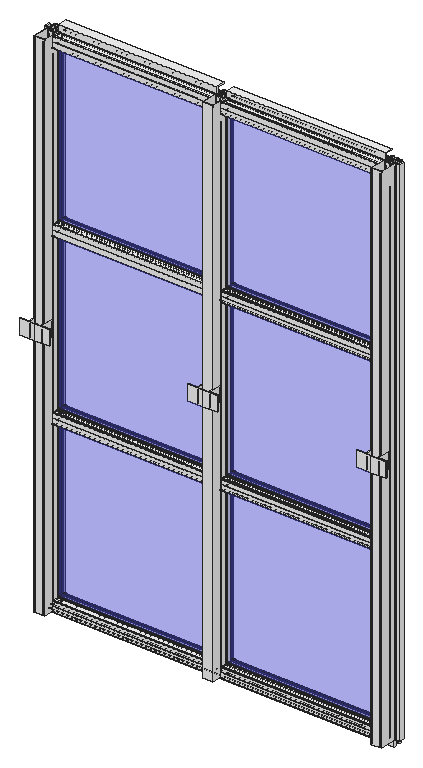
Revit family "Facade_60_Curtain_Wall_I23_Custom", category Windows, host Wall, Revit 2014 (continued)
Definition of nested family "F60 Vertical Profile Side_I23_Cust"
  Automatic sketch dimensions
    Extrusion 4 sketch curve to Extrusion 4 sketch curve = 0.962 mm
    Extrusion 4 sketch curve to Extrusion 4 sketch curve = 0.85 mm
    Extrusion 4 sketch curve to Extrusion 4 sketch curve = 0.512 mm  (x2)
    Extrusion 4 sketch curve to Extrusion 4 sketch curve = 1 mm  (x2)
    Extrusion 4 sketch curve to Extrusion 4 sketch curve = 0.4 mm  (x2)
    Extrusion 4 sketch curve to Extrusion 4 sketch curve = 1.4 mm
    Extrusion 4 sketch curve to Extrusion 4 sketch curve = 0.539 mm  (x2)
    Extrusion 4 sketch curve to Extrusion 4 sketch curve = 0 mm
    plane 1 "Center (Front/Back)" to Extrusion 4 sketch curve = 14.874 mm
    plane 3 "Center (Left/Right)" to Extrusion 5 sketch curve = 0.001 mm
    Extrusion 5 sketch curve to Extrusion 5 sketch curve = 0.65 mm  (x2)
    Extrusion 5 sketch curve to Extrusion 5 sketch curve = 0.128 mm  (x2)
    plane 3 "Center (Left/Right)" to Extrusion 5 sketch curve = 1.015 mm
    plane 3 "Center (Left/Right)" to Extrusion 5 sketch curve = 1.051 mm
    Extrusion 5 sketch curve to Extrusion 5 sketch curve = 0.469 mm  (x2)
    Extrusion 5 sketch curve to Extrusion 5 sketch curve = 1.079 mm
    Extrusion 5 sketch curve to Extrusion 5 sketch curve = 1.317 mm  (x2)
    Extrusion 5 sketch curve to Extrusion 5 sketch curve = 0 mm  (x3)
    plane 3 "Center (Left/Right)" to Extrusion 5 sketch curve = 3.851 mm
    Extrusion 5 sketch curve to Extrusion 5 sketch curve = 0.15 mm  (x2)
    Extrusion 5 sketch curve to Extrusion 5 sketch curve = 26 mm  (x2)
    Extrusion 5 sketch curve to Extrusion 5 sketch curve = 1.05 mm
    plane 1 "Center (Front/Back)" to Extrusion 5 sketch curve = 16.772 mm
    Extrusion 5 sketch curve to Extrusion 5 sketch curve = 0.707 mm
    Extrusion 5 sketch curve to Extrusion 5 sketch curve = 0.433 mm
    plane 1 "Center (Front/Back)" to Extrusion 5 sketch curve = 17.298 mm
    plane 1 "Center (Front/Back)" to Extrusion 5 sketch curve = 14.076 mm
    Extrusion 5 sketch curve to Extrusion 5 sketch curve = 0.5 mm  (x2)
    plane 1 "Center (Front/Back)" to Extrusion 5 sketch curve = 18.761 mm
    Extrusion 5 sketch curve to Extrusion 5 sketch curve = 0.1 mm  (x3)
    Extrusion 5 sketch curve to Extrusion 5 sketch curve = 1.1 mm  (x2)
    Extrusion 5 sketch curve to Extrusion 5 sketch curve = 8.608 mm
    Extrusion 5 sketch curve to Extrusion 5 sketch curve = 0.962 mm
    Extrusion 6 sketch curve to plane 3 "Center (Left/Right)" = 0 mm
    plane 3 "Center (Left/Right)" to Extrusion 6 sketch curve = 1 mm
    plane 3 "Center (Left/Right)" to Extrusion 6 sketch curve = 1.65 mm
    plane 3 "Center (Left/Right)" to Extrusion 6 sketch curve = 1.85 mm
    Extrusion 6 sketch curve to Extrusion 6 sketch curve = 10.317 mm  (x3)
    Extrusion 6 sketch curve to Extrusion 6 sketch curve = 1.833 mm  (x4)
    Extrusion 6 sketch curve to Extrusion 6 sketch curve = 0.02 mm  (x2)
    Extrusion 6 sketch curve to plane 1 "Center (Front/Back)" = 13 mm
    Extrusion 6 sketch curve to Extrusion 6 sketch curve = 31.961 mm
    Extrusion 6 sketch curve to Extrusion 6 sketch curve = 32 mm
    Extrusion 6 sketch curve to Extrusion 6 sketch curve = 0.2 mm  (x5)
    Extrusion 6 sketch curve to Extrusion 6 sketch curve = 0.85 mm
    Extrusion 6 sketch curve to Extrusion 6 sketch curve = 1.65 mm
    Extrusion 6 sketch curve to Extrusion 6 sketch curve = 1 mm  (x8)
    Extrusion 6 sketch curve to Extrusion 6 sketch curve = 1.944 mm
    Extrusion 6 sketch curve to Extrusion 6 sketch curve = 4.656 mm  (x2)
    Extrusion 6 sketch curve to Extrusion 6 sketch curve = 82.1 mm
    Extrusion 6 sketch curve to Extrusion 6 sketch curve = 2.5 mm
    Extrusion 7 sketch curve to plane 3 "Center (Left/Right)" = 0 mm
    Extrusion 7 sketch curve to Extrusion 7 sketch curve = 1 mm  (x3)
    plane 3 "Center (Left/Right)" to Extrusion 7 sketch curve = 1.65 mm
    plane 3 "Center (Left/Right)" to Extrusion 7 sketch curve = 2.35 mm
    Extrusion 7 sketch curve to Extrusion 7 sketch curve = 0.6 mm  (x3)
    Extrusion 7 sketch curve to Extrusion 7 sketch curve = 9.217 mm  (x2)
    Extrusion 7 sketch curve to Extrusion 7 sketch curve = 1.833 mm  (x2)
    Extrusion 7 sketch curve to Extrusion 7 sketch curve = 32 mm
    Extrusion 7 sketch curve to plane 1 "Center (Front/Back)" = 15 mm
    Extrusion 7 sketch curve to Extrusion 7 sketch curve = 54.1 mm
    Extrusion 7 sketch curve to Extrusion 7 sketch curve = 1.3 mm
    Extrusion 7 sketch curve to Extrusion 7 sketch curve = 1.95 mm
    Extrusion 7 sketch curve to Extrusion 7 sketch curve = 1.65 mm
    Extrusion 7 sketch curve to Extrusion 7 sketch curve = 4.987 mm
    Extrusion 7 sketch curve to Extrusion 7 sketch curve = 4.813 mm
    Extrusion 7 sketch curve to Extrusion 7 sketch curve = 4.812 mm
    Extrusion 7 sketch curve to Extrusion 7 sketch curve = 137.5 mm
    Extrusion 7 sketch curve to Extrusion 7 sketch curve = 0.2 mm  (x2)
    Extrusion 7 sketch curve to Extrusion 7 sketch curve = 0.4 mm  (x2)
    Extrusion 7 sketch curve to Extrusion 7 sketch curve = 4.5 mm
    Extrusion 8 sketch curve to plane 3 "Center (Left/Right)" = 0 mm
    Extrusion 8 sketch curve to Extrusion 8 sketch curve = 1 mm  (x3)
    plane 3 "Center (Left/Right)" to Extrusion 8 sketch curve = 1.65 mm
    plane 3 "Center (Left/Right)" to Extrusion 8 sketch curve = 2.75 mm
    Extrusion 8 sketch curve to Extrusion 8 sketch curve = 0.8 mm  (x2)
    Extrusion 8 sketch curve to Extrusion 8 sketch curve = 52.5 mm
    Extrusion 8 sketch curve to plane 1 "Center (Front/Back)" = 15.1 mm
    Extrusion 8 sketch curve to Extrusion 8 sketch curve = 52.9 mm
    Extrusion 8 sketch curve to Extrusion 8 sketch curve = 1.9 mm
    Extrusion 8 sketch curve to Extrusion 8 sketch curve = 2.75 mm
    Extrusion 8 sketch curve to Extrusion 8 sketch curve = 4.444 mm
    Extrusion 8 sketch curve to Extrusion 8 sketch curve = 4.656 mm  (x2)
    Extrusion 8 sketch curve to Extrusion 8 sketch curve = 163.2 mm
    Extrusion 8 sketch curve to Extrusion 8 sketch curve = 9.5 mm
    plane 3 "Center (Left/Right)" to Extrusion 9 sketch curve = 25.249 mm
    Extrusion 9 sketch curve to Extrusion 9 sketch curve = 0.5 mm  (x4)
    Extrusion 9 sketch curve to Extrusion 9 sketch curve = 1.1 mm
    plane 1 "Center (Front/Back)" to Extrusion 9 sketch curve = 11.356 mm  (x2)
    Extrusion 9 sketch curve to Extrusion 9 sketch curve = 0.293 mm  (x2)
    Extrusion 9 sketch curve to Extrusion 9 sketch curve = 1.896 mm
    Extrusion 9 sketch curve to Extrusion 9 sketch curve = 1.922 mm
    Extrusion 9 sketch curve to Extrusion 9 sketch curve = 1 mm  (x2)
    Extrusion 9 sketch curve to Extrusion 9 sketch curve = 0.7 mm
    Extrusion 9 sketch curve to Extrusion 9 sketch curve = 0.808 mm
    Extrusion 9 sketch curve to plane 1 "Center (Front/Back)" = 2.272 mm  (x2)
    Extrusion 9 sketch curve to Extrusion 9 sketch curve = 0.303 mm
    Extrusion 9 sketch curve to plane 1 "Center (Front/Back)" = 1.745 mm
    Extrusion 9 sketch curve to Extrusion 9 sketch curve = 0.356 mm
    plane 1 "Center (Front/Back)" to Extrusion 9 sketch curve = 9.206 mm  (x2)
    Extrusion 9 sketch curve to Extrusion 9 sketch curve = 1.647 mm
    Extrusion 9 sketch curve to Extrusion 9 sketch curve = 0.701 mm
    Extrusion 9 sketch curve to Extrusion 9 sketch curve = 0.992 mm
    Extrusion 9 sketch curve to Extrusion 9 sketch curve = 0.003 mm
    Extrusion 9 sketch curve to Extrusion 9 sketch curve = 0.002 mm
    Extrusion 9 sketch curve to Extrusion 9 sketch curve = 0.004 mm
    Extrusion 9 sketch curve to Extrusion 9 sketch curve = 0.708 mm
    Extrusion 9 sketch curve to plane 1 "Center (Front/Back)" = 1.946 mm
    Extrusion 9 sketch curve to Extrusion 9 sketch curve = 0.899 mm
    Extrusion 9 sketch curve to Extrusion 9 sketch curve = 0.444 mm
    Extrusion 9 sketch curve to Extrusion 9 sketch curve = 3.038 mm
    Extrusion 9 sketch curve to plane 1 "Center (Front/Back)" = 0.385 mm  (x2)
    Extrusion 9 sketch curve to Extrusion 9 sketch curve = 0.756 mm
    Extrusion 9 sketch curve to Extrusion 9 sketch curve = 2.153 mm
    Extrusion 9 sketch curve to Extrusion 9 sketch curve = 0.631 mm
    Extrusion 9 sketch curve to Extrusion 9 sketch curve = 0.807 mm
    Extrusion 9 sketch curve to Extrusion 9 sketch curve = 1.646 mm
    Extrusion 9 sketch curve to Extrusion 9 sketch curve = 0.707 mm
    Extrusion 9 sketch curve to Extrusion 9 sketch curve = 1.393 mm
    Extrusion 9 sketch curve to Extrusion 9 sketch curve = 1.923 mm
    Extrusion 9 sketch curve to Extrusion 9 sketch curve = 11.937 mm
    Extrusion 9 sketch curve to Extrusion 9 sketch curve = 1.6 mm
    Extrusion 9 sketch curve to Extrusion 9 sketch curve = 0.9 mm  (x2)
    Extrusion 9 sketch curve to Extrusion 9 sketch curve = 1.356 mm  (x2)
    Extrusion 9 sketch curve to Extrusion 9 sketch curve = 0.714 mm
    Extrusion 9 sketch curve to Extrusion 9 sketch curve = 0.02 mm
    Extrusion 9 sketch curve to Extrusion 9 sketch curve = 0.399 mm
    Extrusion 9 sketch curve to Extrusion 9 sketch curve = 2.224 mm
    Extrusion 9 sketch curve to Extrusion 9 sketch curve = 0.448 mm
    Extrusion 9 sketch curve to plane 1 "Center (Front/Back)" = 0.198 mm
    Extrusion 9 sketch curve to plane 1 "Center (Front/Back)" = 0.201 mm
    Extrusion 9 sketch curve to Extrusion 9 sketch curve = 0.032 mm
    Extrusion 9 sketch curve to Extrusion 9 sketch curve = 0 mm
    plane 3 "Center (Left/Right)" to Extrusion 10 sketch curve = 1.014 mm
    Extrusion 10 sketch curve to Extrusion 10 sketch curve = 0.469 mm  (x2)
    plane 3 "Center (Left/Right)" to Extrusion 10 sketch curve = 1.706 mm
    Extrusion 10 sketch curve to Extrusion 10 sketch curve = 1.079 mm
    Extrusion 10 sketch curve to Extrusion 10 sketch curve = 0.864 mm
    Extrusion 10 sketch curve to Extrusion 10 sketch curve = 1.15 mm  (x4)
    Extrusion 10 sketch curve to Extrusion 10 sketch curve = 3.2 mm  (x2)
    Extrusion 10 sketch curve to Extrusion 10 sketch curve = 3.031 mm  (x2)
    Extrusion 10 sketch curve to Extrusion 10 sketch curve = 0.6 mm  (x3)
    Extrusion 10 sketch curve to Extrusion 10 sketch curve = 15.584 mm  (x2)
    Extrusion 10 sketch curve to Extrusion 10 sketch curve = 0.808 mm  (x2)
    Extrusion 10 sketch curve to Extrusion 10 sketch curve = 3.038 mm
    Extrusion 10 sketch curve to Extrusion 10 sketch curve = 0.865 mm
    Extrusion 10 sketch curve to Extrusion 10 sketch curve = 1.25 mm  (x5)
    Extrusion 10 sketch curve to Extrusion 10 sketch curve = 0.61 mm
    plane 1 "Center (Front/Back)" to Extrusion 10 sketch curve = 31.288 mm
    Extrusion 10 sketch curve to Extrusion 10 sketch curve = 0.362 mm
    plane 1 "Center (Front/Back)" to Extrusion 10 sketch curve = 31.65 mm
    Extrusion 10 sketch curve to Extrusion 10 sketch curve = 0.962 mm
    Extrusion 10 sketch curve to Extrusion 10 sketch curve = 0.85 mm
    Extrusion 10 sketch curve to Extrusion 10 sketch curve = 0.512 mm  (x2)
    Extrusion 10 sketch curve to Extrusion 10 sketch curve = 0.4 mm  (x2)
    Extrusion 10 sketch curve to Extrusion 10 sketch curve = 1 mm
    Extrusion 10 sketch curve to Extrusion 10 sketch curve = 2.8 mm
    Extrusion 10 sketch curve to Extrusion 10 sketch curve = 0 mm  (x2)
    Extrusion 10 sketch curve to Extrusion 10 sketch curve = 1.4 mm
    Extrusion 10 sketch curve to Extrusion 10 sketch curve = 0.539 mm  (x2)
    plane 1 "Center (Front/Back)" to Extrusion 10 sketch curve = 28.864 mm
    Extrusion 11 sketch curve to plane 3 "Center (Left/Right)" = 0 mm
    plane 3 "Center (Left/Right)" to Extrusion 11 sketch curve = 0.65 mm
    Extrusion 11 sketch curve to Extrusion 11 sketch curve = 0.128 mm  (x2)
    plane 3 "Center (Left/Right)" to Extrusion 11 sketch curve = 1.014 mm
    plane 3 "Center (Left/Right)" to Extrusion 11 sketch curve = 1.05 mm
    Extrusion 11 sketch curve to Extrusion 11 sketch curve = 0.469 mm  (x2)
    Extrusion 11 sketch curve to Extrusion 11 sketch curve = 1.079 mm
    Extrusion 11 sketch curve to Extrusion 11 sketch curve = 1.317 mm  (x2)
    Extrusion 11 sketch curve to Extrusion 11 sketch curve = 0 mm  (x3)
    plane 3 "Center (Left/Right)" to Extrusion 11 sketch curve = 3.85 mm
    Extrusion 11 sketch curve to Extrusion 11 sketch curve = 0.15 mm  (x2)
    Extrusion 11 sketch curve to Extrusion 11 sketch curve = 26 mm  (x2)
    Extrusion 11 sketch curve to Extrusion 11 sketch curve = 1.05 mm
    Extrusion 11 sketch curve to Extrusion 11 sketch curve = 0.707 mm
    Extrusion 11 sketch curve to Extrusion 11 sketch curve = 0.433 mm
    plane 1 "Center (Front/Back)" to Extrusion 11 sketch curve = 31.288 mm
    plane 1 "Center (Front/Back)" to Extrusion 11 sketch curve = 28.065 mm
    Extrusion 11 sketch curve to Extrusion 11 sketch curve = 1.314 mm
    Extrusion 11 sketch curve to Extrusion 11 sketch curve = 0.65 mm
    Extrusion 11 sketch curve to Extrusion 11 sketch curve = 0.5 mm  (x2)
    plane 1 "Center (Front/Back)" to Extrusion 11 sketch curve = 32.75 mm
    Extrusion 11 sketch curve to Extrusion 11 sketch curve = 0.1 mm  (x3)
    Extrusion 11 sketch curve to Extrusion 11 sketch curve = 1.1 mm  (x2)
    Extrusion 11 sketch curve to Extrusion 11 sketch curve = 8.608 mm
    Extrusion 11 sketch curve to Extrusion 11 sketch curve = 0.962 mm
    Extrusion 12 sketch curve to plane 3 "Center (Left/Right)" = 21.349 mm
    Extrusion 12 sketch curve to Extrusion 12 sketch curve = 6.35 mm
    plane 3 "Center (Left/Right)" to Extrusion 12 sketch curve = 10.403 mm
    plane 1 "Center (Front/Back)" to Extrusion 12 sketch curve = 35.567 mm
    plane 1 "Center (Front/Back)" to Extrusion 12 sketch curve = 10.171 mm
    plane 1 "Center (Front/Back)" to Extrusion 12 sketch curve = 3.821 mm
    Extrusion 13 sketch curve to plane 3 "Center (Left/Right)" = 21.35 mm
    Extrusion 13 sketch curve to Extrusion 13 sketch curve = 6.35 mm
    plane 3 "Center (Left/Right)" to Extrusion 13 sketch curve = 10.402 mm
    plane 1 "Center (Front/Back)" to Extrusion 13 sketch curve = 33.172 mm
    plane 1 "Center (Front/Back)" to Extrusion 13 sketch curve = 7.775 mm
    plane 1 "Center (Front/Back)" to Extrusion 13 sketch curve = 1.425 mm
    Extrusion 14 sketch curve to plane 3 "Center (Left/Right)" = 0 mm
    plane 3 "Center (Left/Right)" to Extrusion 14 sketch curve = 1.2 mm
    Extrusion 14 sketch curve to Extrusion 14 sketch curve = 9.6 mm
    Extrusion 14 sketch curve to Extrusion 14 sketch curve = 1.2 mm  (x3)
    plane 1 "Center (Front/Back)" to Extrusion 14 sketch curve = 25.775 mm
    plane 1 "Center (Front/Back)" to Extrusion 14 sketch curve = 8.975 mm
    curve 4 to Extrusion 6 = 0 mm
    curve 3 to Extrusion 6 = 0 mm
    curve 1 to Extrusion 6 = 0 mm
    curve 4 to Extrusion 6 = 3.6 mm
    curve 3 to Extrusion 6 = 3.6 mm
    curve 1 to Extrusion 6 = 3.6 mm
    Extrusion 6 to curve 2 = 1 mm
    Extrusion 6 to curve 5 = 1 mm
    Extrusion 6 to curve 6 = 1 mm
    curve 6 to Extrusion 6 = 1 mm
    curve 5 to Extrusion 6 = 1 mm
    curve 2 to Extrusion 6 = 1 mm
    curve 9 to Extrusion 6 = 0 mm
    curve 8 to Extrusion 6 = 0 mm
    curve 7 to Extrusion 6 = 0 mm
    Extrusion 6 to curve 8 = 3.6 mm
    Extrusion 6 to curve 9 = 3.6 mm
    Extrusion 6 to curve 7 = 3.6 mm
    curve 12 to Extrusion 5 = 25.894 mm
    curve 11 to Extrusion 5 = 25.894 mm
    curve 10 to Extrusion 5 = 25.894 mm
    curve 10 to Extrusion 5 = 0.108 mm
    Extrusion 5 to curve 12 = 0.703 mm
    Extrusion 5 to curve 11 = 0.703 mm
    curve 13 to Extrusion 5 = 4 mm
    curve 14 to Extrusion 5 = 4 mm
    curve 15 to Extrusion 5 = 4 mm
    Extrusion 5 to curve 15 = 0.702 mm
    Extrusion 5 to curve 14 = 0.702 mm
    Extrusion 5 to curve 13 = 0.702 mm
    curve 18 to Extrusion 7 = 0 mm
    curve 17 to Extrusion 7 = 0 mm
    curve 16 to Extrusion 7 = 0 mm
    Extrusion 7 to curve 17 = 3.6 mm
    Extrusion 7 to curve 18 = 3.6 mm
    Extrusion 7 to curve 16 = 3.6 mm
    Extrusion 7 to curve 21 = 1 mm  (x2)
    Extrusion 7 to curve 20 = 1 mm  (x2)
    Extrusion 7 to curve 19 = 1 mm  (x2)
    curve 24 to Extrusion 7 = 0 mm
    curve 23 to Extrusion 7 = 0 mm
    curve 22 to Extrusion 7 = 0 mm
    curve 24 to Extrusion 7 = 3.6 mm
    curve 23 to Extrusion 7 = 3.6 mm
    curve 22 to Extrusion 7 = 3.6 mm
    curve 27 to Extrusion 8 = 0 mm
    curve 26 to Extrusion 8 = 0 mm
    curve 25 to Extrusion 8 = 0 mm
    Extrusion 8 to curve 26 = 3.6 mm
    Extrusion 8 to curve 27 = 3.6 mm
    Extrusion 8 to curve 25 = 3.6 mm
    Extrusion 8 to curve 30 = 0.221 mm
    Extrusion 8 to curve 29 = 0.221 mm
    Extrusion 8 to curve 28 = 0.221 mm
    curve 29 to Extrusion 8 = 0.222 mm
    curve 30 to Extrusion 8 = 0.222 mm
    curve 28 to Extrusion 8 = 0.222 mm
    curve 33 to Extrusion 8 = 0 mm
    curve 32 to Extrusion 8 = 0 mm
    curve 31 to Extrusion 8 = 0 mm
    curve 33 to Extrusion 8 = 3.6 mm
    curve 32 to Extrusion 8 = 3.6 mm
    curve 31 to Extrusion 8 = 3.6 mm
    curve 34 to Extrusion 11 = 4.016 mm
    curve 35 to Extrusion 11 = 4.016 mm
    curve 36 to Extrusion 11 = 3.97 mm
    Extrusion 11 to curve 36 = 0.637 mm
    Extrusion 11 to curve 35 = 0.637 mm
    Extrusion 11 to curve 34 = 0.637 mm
    curve 37 to Extrusion 11 = 29.221 mm
    curve 38 to Extrusion 11 = 29.221 mm
    curve 39 to Extrusion 11 = 29.221 mm
    Extrusion 11 to curve 39 = 3.222 mm
    Extrusion 11 to curve 38 = 3.222 mm
    Extrusion 11 to curve 37 = 3.222 mm
Definition of nested family "F60 Horizontal Profile Top_I23_Cust"
  Parameters (values of type "F60 Horizontal Profile Top")
    Thermal Break Material [instance] = none
    Single Glazing [instance] = yes
    Profile Material [instance] = none
    Length [instance] = 250 mm
    Double Glazing [instance] = yes
  Reference planes
    plane 1 "Center (Front/Back)": y = 0
    plane 2: z = 0
    plane 3 "Center (Left/Right)": x = 0
  Forms (mm)
    Extrusion 1, solid, material <- "Profile Material"
      sketch origin (0, 0, 0) x (0, 1, 0) y (0, 0, 1)
        loop
          line (-9.94, 7.845) -> (-8.37, 6.275) -> (-1.2, 10.415) -> (-1.2, 1.2) -> (-5, 1.2) -> (-5, 0) -> (-1, 0)
          arc (-1, 0) -> (-0.293, 0.293) -> (0, 1) r 1
          line (0, 1) -> (0, 30) -> (0, 59)
          arc (0, 59) -> (-0.293, 59.707) -> (-1, 60) r 1
          line (-1, 60) -> (-5, 60) -> (-5, 58.8) -> (-1.2, 58.8) -> (-1.2, 49.585) -> (-8.37, 53.725) -> (-9.94, 52.155)
          arc (-9.94, 52.155) -> (-9.902, 51.269) -> (-9.016, 51.232) r 0.655
          line (-9.016, 51.232) -> (-8.077, 52.17) -> (-1.2, 48.2) -> (-1.2, 30) -> (-1.2, 11.8) -> (-8.077, 7.83) -> (-9.016, 8.768)
          arc (-9.016, 8.768) -> (-9.902, 8.731) -> (-9.94, 7.845) r 0.655
      from 0 to 250 <- "Length"
    Extrusion 2, solid, material <- "Profile Material"
      sketch origin (0, 0, 0) x (0, 1, 0) y (0, 0, 1)
        loop
          line (-5, 60) -> (-44.6, 60) -> (-44.6, 58.35) -> (-39.944, 58.35) -> (-39.944, 1.65) -> (-44.6, 1.65) -> (-44.6, 0) -> (-5, 0) -> (-5, 2.2) -> (-4.2, 2.2) -> (-4.2, 3.018)
          arc (-4.2, 3.018) -> (-4.352, 3.783) -> (-4.786, 4.432) r 2
          line (-4.786, 4.432) -> (-7.054, 6.7) -> (-8, 6.489) -> (-8, 5.7) -> (-7.205, 5.7) -> (-7.205, 2.95) -> (-8, 2.95) -> (-8, 1.95) -> (-12.752, 1.95) -> (-12.752, 6.7) -> (-14.152, 6.7) -> (-14.152, 1.65) -> (-38.65, 1.65) -> (-38.65, 8.33) -> (-37.097, 8.33) -> (-34.666, 6.973)
          arc (-34.666, 6.973) -> (-33.846, 7.192) -> (-34.066, 8.012) r 0.6
          line (-34.066, 8.012) -> (-37.128, 9.78) -> (-38.65, 9.78) -> (-38.65, 12.65) -> (-37.6, 13.7) -> (-37.6, 20.3) -> (-38.65, 21.35) -> (-38.65, 38.65) -> (-37.6, 39.7) -> (-37.6, 46.3) -> (-38.65, 47.35) -> (-38.65, 50.22) -> (-37.128, 50.22) -> (-34.066, 51.988)
          arc (-34.066, 51.988) -> (-33.846, 52.808) -> (-34.666, 53.027) r 0.6
          line (-34.666, 53.027) -> (-37.032, 51.661) -> (-38.65, 51.661) -> (-38.65, 58.35) -> (-14.152, 58.35) -> (-14.152, 53.3) -> (-12.752, 53.3) -> (-12.752, 58.05) -> (-8, 58.05) -> (-8, 57.05) -> (-7.205, 57.05) -> (-7.205, 54.3) -> (-8, 54.3) -> (-8, 53.511) -> (-7.054, 53.3) -> (-4.786, 55.568)
          arc (-4.786, 55.568) -> (-4.352, 56.217) -> (-4.2, 56.982) r 2
          line (-4.2, 56.982) -> (-4.2, 57.8) -> (-5, 57.8) -> (-5, 60)
      from 0 to 250 <- "Length"
    Extrusion 3, solid, material <- "Thermal Break Material"
      sketch origin (0, 0, 0) x (0, 1, 0) y (0, 0, 1)
        loop
          line (-40, 1.75) -> (-40, 30) -> (-40, 58.25) -> (-44.6, 58.25) -> (-44.6, 60) -> (-45.9, 60) -> (-45.9, 53.65) -> (-41.788, 53.65)
          arc (-41.788, 53.65) -> (-41.363, 53.474) -> (-41.187, 53.05) r 0.6
          line (-41.187, 53.05) -> (-41.187, 30) -> (-41.187, 6.95)
          arc (-41.187, 6.95) -> (-41.363, 6.526) -> (-41.788, 6.35) r 0.6
          line (-41.788, 6.35) -> (-45.9, 6.35) -> (-45.9, 0) -> (-44.6, 0) -> (-44.6, 1.75) -> (-40, 1.75)
      from 0 to 250 <- "Length"
    Extrusion 4, solid, material <- "Profile Material"
      sketch origin (0, 0, 0) x (0, 1, 0) y (0, 0, 1)
        loop
          line (-58.5, 25.249) -> (-43.6, 25.249)
          arc (-43.6, 25.249) -> (-43.034, 25.015) -> (-42.8, 24.449) r 0.8
          line (-42.8, 24.449) -> (-42.8, 7.9) -> (-44.4, 7.9) -> (-44.4, 9.45) -> (-45.25, 9.45)
          arc (-45.25, 9.45) -> (-45.674, 9.274) -> (-45.85, 8.85) r 0.6
          line (-45.85, 8.85) -> (-45.85, 7.9) -> (-48.8, 7.9)
          arc (-48.8, 7.9) -> (-49.3, 8.4) -> (-49.8, 7.9) r 0.5
          line (-49.8, 7.9) -> (-49.8, 5.55) -> (-48.65, 5.55) -> (-48.65, 6.7) -> (-47.35, 6.7) -> (-47.35, 1.2) -> (-48.65, 1.2) -> (-48.65, 2.35) -> (-49.8, 2.35) -> (-49.8, 0.5)
          arc (-49.8, 0.5) -> (-49.654, 0.146) -> (-49.3, 0) r 0.5
          line (-49.3, 0) -> (-45.9, 0) -> (-45.9, 6.45) -> (-42.2, 6.45)
          arc (-42.2, 6.45) -> (-41.634, 6.684) -> (-41.4, 7.25) r 0.8
          line (-41.4, 7.25) -> (-41.4, 30) -> (-41.4, 52.75)
          arc (-41.4, 52.75) -> (-41.634, 53.316) -> (-42.2, 53.55) r 0.8
          line (-42.2, 53.55) -> (-45.9, 53.55) -> (-45.9, 60) -> (-49.3, 60)
          arc (-49.3, 60) -> (-49.654, 59.854) -> (-49.8, 59.5) r 0.5
          line (-49.8, 59.5) -> (-49.8, 57.65) -> (-48.65, 57.65) -> (-48.65, 58.8) -> (-47.35, 58.8) -> (-47.35, 53.3) -> (-48.65, 53.3) -> (-48.65, 54.45) -> (-49.8, 54.45) -> (-49.8, 52.1)
          arc (-49.8, 52.1) -> (-49.3, 51.6) -> (-48.8, 52.1) r 0.5
          line (-48.8, 52.1) -> (-45.85, 52.1) -> (-45.85, 51.15)
          arc (-45.85, 51.15) -> (-45.674, 50.726) -> (-45.25, 50.55) r 0.6
          line (-45.25, 50.55) -> (-44.4, 50.55) -> (-44.4, 52.1) -> (-42.8, 52.1) -> (-42.8, 35.551)
          arc (-42.8, 35.551) -> (-43.034, 34.985) -> (-43.6, 34.751) r 0.8
          line (-43.6, 34.751) -> (-58.5, 34.751)
          arc (-58.5, 34.751) -> (-59.066, 34.516) -> (-59.3, 33.951) r 0.8
          line (-59.3, 33.951) -> (-59.3, 32.902) -> (-42.8, 32.902) -> (-42.8, 27.1) -> (-59.3, 27.1) -> (-59.3, 26.049)
          arc (-59.3, 26.049) -> (-59.066, 25.484) -> (-58.5, 25.249) r 0.8
      from 0 to 250 <- "Length"
    Extrusion 5, solid, material <- "Thermal Break Material", visible <- "Single Glazing"
      sketch origin (0, 0, 0) x (0, 1, 0) y (0, 0, 1)
        loop
          arc (-63.8, 25.751) -> (-63.654, 25.397) -> (-63.3, 25.251) r 0.5
          line (-63.3, 25.251) -> (-59.8, 25.251)
          arc (-59.8, 25.251) -> (-59.446, 25.397) -> (-59.3, 25.751) r 0.5
          line (-59.3, 25.751) -> (-59.3, 27.648) -> (-49.599, 27.648) -> (-47.528, 28.651)
          arc (-47.528, 28.651) -> (-46.803, 30.001) -> (-47.528, 31.351) r 1.62
          line (-47.528, 31.351) -> (-49.599, 32.353) -> (-59.3, 32.353) -> (-59.3, 34.251)
          arc (-59.3, 34.251) -> (-59.446, 34.604) -> (-59.8, 34.751) r 0.5
          line (-59.8, 34.751) -> (-63.3, 34.751)
          arc (-63.3, 34.751) -> (-63.654, 34.604) -> (-63.8, 34.251) r 0.5
          line (-63.8, 34.251) -> (-63.8, 32.328) -> (-62.4, 31.52) -> (-62.4, 28.483) -> (-63.8, 27.673) -> (-63.8, 25.751)
        loop
          line (-59.794, 28.506) -> (-59.006, 29.294)
          arc (-59.006, 29.294) -> (-58.788, 29.618) -> (-58.713, 30.001) r 0.986
          arc (-58.713, 30.001) -> (-58.79, 30.384) -> (-59.008, 30.71) r 1.007
          line (-59.008, 30.71) -> (-59.794, 31.496) -> (-60.65, 31.496)
          arc (-60.65, 31.496) -> (-61.004, 31.349) -> (-61.15, 30.996) r 0.5
          line (-61.15, 30.996) -> (-61.15, 29.006)
          arc (-61.15, 29.006) -> (-61.004, 28.652) -> (-60.65, 28.506) r 0.5
          line (-60.65, 28.506) -> (-59.794, 28.506)
        loop
          line (-47.854, 30.898) -> (-49.415, 31.653) -> (-56.782, 31.653)
          arc (-56.782, 31.653) -> (-57.207, 31.417) -> (-57.23, 30.932) r 0.5
          arc (-57.23, 30.932) -> (-57.013, 30.001) -> (-57.23, 29.07) r 2.099
          arc (-57.23, 29.07) -> (-57.207, 28.584) -> (-56.782, 28.348) r 0.5
          line (-56.782, 28.348) -> (-49.415, 28.348) -> (-48.055, 29.007)
          arc (-48.055, 29.007) -> (-47.35, 29.888) -> (-47.854, 30.898) r 1.047
      from 0 to 250 <- "Length"
    Extrusion 6, solid, material <- "Profile Material", visible <- "Single Glazing"
      sketch origin (0, 0, 0) x (0, 1, 0) y (0, 0, 1)
        loop
          line (-63.8, 52.694) -> (-64.8, 52.694) -> (-64.8, 51.544) -> (-66.05, 51.544) -> (-66.05, 57.044) -> (-64.8, 57.044) -> (-64.8, 55.894) -> (-63.8, 55.894) -> (-63.8, 58.294)
          arc (-63.8, 58.294) -> (-64.082, 58.803) -> (-64.664, 58.835) r 0.6
          line (-64.664, 58.835) -> (-66.562, 57.91) -> (-67.088, 58.988) -> (-68.05, 58.519) -> (-68.05, 48.513)
          arc (-68.05, 48.513) -> (-67.874, 48.089) -> (-67.45, 47.913) r 0.6
          line (-67.45, 47.913) -> (-66.6, 47.913) -> (-66.6, 12.09) -> (-67.45, 12.09)
          arc (-67.45, 12.09) -> (-67.874, 11.914) -> (-68.05, 11.49) r 0.6
          line (-68.05, 11.49) -> (-68.05, 1.485) -> (-67.088, 1.016) -> (-66.562, 2.095) -> (-64.663, 1.169)
          arc (-64.663, 1.169) -> (-64.082, 1.2) -> (-63.8, 1.709) r 0.6
          line (-63.8, 1.709) -> (-63.8, 4.109) -> (-64.8, 4.109) -> (-64.8, 2.959) -> (-66.05, 2.959) -> (-66.05, 8.459) -> (-64.8, 8.459) -> (-64.8, 7.309) -> (-63.8, 7.309) -> (-63.8, 27.674) -> (-62.4, 28.483) -> (-62.4, 31.521) -> (-63.8, 32.329) -> (-63.8, 52.694)
      from 0 to 250 <- "Length"
    Extrusion 7, solid, material <- "Profile Material", visible <- "Single Glazing"
      sketch origin (0, 0, 0) x (0, 1, 0) y (0, 0, 1)
        loop
          line (-68.551, 3.3) -> (-76.559, 3.3) -> (-76.559, 30) -> (-76.559, 56.15)
          arc (-76.559, 56.15) -> (-75.739, 58.13) -> (-73.759, 58.95) r 2.8
          line (-73.759, 58.95) -> (-69.151, 58.95) -> (-69.151, 57.2)
          arc (-69.151, 57.2) -> (-68.987, 56.829) -> (-68.601, 56.703) r 0.5
          arc (-68.601, 56.703) -> (-68.216, 56.829) -> (-68.051, 57.2) r 0.5
          line (-68.051, 57.2) -> (-68.051, 58.517) -> (-67.089, 58.986) -> (-66.563, 57.907) -> (-63.866, 59.222)
          arc (-63.866, 59.222) -> (-64.001, 59.762) -> (-64.504, 60) r 0.65
          line (-64.504, 60) -> (-73.859, 60)
          arc (-73.859, 60) -> (-76.687, 58.828) -> (-77.859, 56) r 4
          line (-77.859, 56) -> (-77.859, 30) -> (-77.859, 2.493)
          arc (-77.859, 2.493) -> (-77.197, 0.799) -> (-75.562, 0.002) r 2.5
          arc (-75.562, 0.002) -> (-75.182, 0.132) -> (-75.021, 0.5) r 0.5
          line (-75.021, 0.5) -> (-75.021, 2) -> (-69.151, 2) -> (-69.151, 0.5)
          arc (-69.151, 0.5) -> (-69.005, 0.146) -> (-68.651, 0) r 0.5
          line (-68.651, 0) -> (-64.504, 0)
          arc (-64.504, 0) -> (-64.001, 0.238) -> (-63.866, 0.778) r 0.65
          line (-63.866, 0.778) -> (-66.563, 2.093) -> (-67.089, 1.014) -> (-68.051, 1.483) -> (-68.051, 2.8)
          arc (-68.051, 2.8) -> (-68.198, 3.154) -> (-68.551, 3.3) r 0.5
      from 0 to 250 <- "Length"
    Extrusion 8, solid, material <- "Thermal Break Material", visible <- "Double Glazing"
      sketch origin (0, 0, 0) x (0, 1, 0) y (0, 0, 1)
        loop
          line (-77.8, 27.673) -> (-77.8, 25.751)
          arc (-77.8, 25.751) -> (-77.654, 25.397) -> (-77.3, 25.251) r 0.5
          line (-77.3, 25.251) -> (-59.8, 25.251)
          arc (-59.8, 25.251) -> (-59.446, 25.397) -> (-59.3, 25.751) r 0.5
          line (-59.3, 25.751) -> (-59.3, 27.647) -> (-49.599, 27.647) -> (-47.528, 28.649)
          arc (-47.528, 28.649) -> (-46.803, 29.999) -> (-47.528, 31.349) r 1.62
          line (-47.528, 31.349) -> (-49.602, 32.353) -> (-59.3, 32.353) -> (-59.3, 34.251)
          arc (-59.3, 34.251) -> (-59.446, 34.604) -> (-59.8, 34.751) r 0.5
          line (-59.8, 34.751) -> (-77.3, 34.751)
          arc (-77.3, 34.751) -> (-77.654, 34.604) -> (-77.8, 34.251) r 0.5
          line (-77.8, 34.251) -> (-77.8, 32.327) -> (-76.4, 31.52) -> (-76.4, 28.482) -> (-77.8, 27.673)
        loop
          line (-59.006, 30.708) -> (-61.156, 32.858)
          arc (-61.156, 32.858) -> (-61.48, 33.074) -> (-61.863, 33.151) r 1
          line (-61.863, 33.151) -> (-73.8, 33.151)
          arc (-73.8, 33.151) -> (-74.507, 32.858) -> (-74.8, 32.151) r 1
          line (-74.8, 32.151) -> (-74.8, 27.851)
          arc (-74.8, 27.851) -> (-74.507, 27.144) -> (-73.8, 26.851) r 1
          line (-73.8, 26.851) -> (-61.863, 26.851)
          arc (-61.863, 26.851) -> (-61.48, 26.927) -> (-61.156, 27.144) r 1
          line (-61.156, 27.144) -> (-59.006, 29.294)
          arc (-59.006, 29.294) -> (-58.788, 29.618) -> (-58.713, 30.001) r 0.986
          arc (-58.713, 30.001) -> (-58.79, 30.383) -> (-59.006, 30.708) r 1.007
        loop
          line (-56.782, 28.347) -> (-49.415, 28.347) -> (-48.055, 29.005)
          arc (-48.055, 29.005) -> (-47.35, 29.887) -> (-47.854, 30.896) r 1.047
          line (-47.854, 30.896) -> (-49.415, 31.652) -> (-56.782, 31.652)
          arc (-56.782, 31.652) -> (-57.207, 31.416) -> (-57.23, 30.93) r 0.5
          arc (-57.23, 30.93) -> (-57.013, 29.999) -> (-57.23, 29.068) r 2.099
          arc (-57.23, 29.068) -> (-57.207, 28.583) -> (-56.782, 28.347) r 0.5
      from 0 to 250 <- "Length"
    Extrusion 9, solid, material <- "Profile Material", visible <- "Double Glazing"
      sketch origin (0, 0, 0) x (0, 1, 0) y (0, 0, 1)
        loop
          line (-77.8, 52.694) -> (-78.8, 52.694) -> (-78.8, 51.544) -> (-80.05, 51.544) -> (-80.05, 57.044) -> (-78.8, 57.044) -> (-78.8, 55.894) -> (-77.8, 55.894) -> (-77.8, 58.294)
          arc (-77.8, 58.294) -> (-78.082, 58.802) -> (-78.664, 58.834) r 0.6
          line (-78.664, 58.834) -> (-80.562, 57.909) -> (-81.088, 58.988) -> (-82.05, 58.518) -> (-82.05, 48.512)
          arc (-82.05, 48.512) -> (-81.874, 48.088) -> (-81.45, 47.912) r 0.6
          line (-81.45, 47.912) -> (-80.6, 47.912) -> (-80.6, 12.089) -> (-81.45, 12.089)
          arc (-81.45, 12.089) -> (-81.874, 11.913) -> (-82.05, 11.489) r 0.6
          line (-82.05, 11.489) -> (-82.05, 1.484) -> (-81.088, 1.015) -> (-80.562, 2.094) -> (-78.663, 1.169)
          arc (-78.663, 1.169) -> (-78.082, 1.199) -> (-77.8, 1.708) r 0.6
          line (-77.8, 1.708) -> (-77.8, 4.108) -> (-78.8, 4.108) -> (-78.8, 2.958) -> (-80.05, 2.958) -> (-80.05, 8.458) -> (-78.8, 8.458) -> (-78.8, 7.308) -> (-77.8, 7.308) -> (-77.8, 27.673) -> (-76.4, 28.482) -> (-76.4, 31.52) -> (-77.8, 32.328) -> (-77.8, 52.694)
      from 0 to 250 <- "Length"
    Extrusion 10, solid, material <- "Profile Material", visible <- "Double Glazing"
      sketch origin (0, 0, 0) x (0, 1, 0) y (0, 0, 1)
        loop
          line (-82.551, 3.3) -> (-90.558, 3.3) -> (-90.558, 30) -> (-90.558, 56.15)
          arc (-90.558, 56.15) -> (-89.738, 58.13) -> (-87.758, 58.95) r 2.8
          line (-87.758, 58.95) -> (-83.151, 58.95) -> (-83.151, 57.2)
          arc (-83.151, 57.2) -> (-82.986, 56.829) -> (-82.601, 56.703) r 0.5
          arc (-82.601, 56.703) -> (-82.215, 56.829) -> (-82.051, 57.2) r 0.5
          line (-82.051, 57.2) -> (-82.051, 58.517) -> (-81.088, 58.986) -> (-80.563, 57.907) -> (-77.866, 59.222)
          arc (-77.866, 59.222) -> (-78, 59.762) -> (-78.503, 60) r 0.65
          line (-78.503, 60) -> (-87.858, 60)
          arc (-87.858, 60) -> (-90.687, 58.828) -> (-91.858, 56) r 4
          line (-91.858, 56) -> (-91.858, 30) -> (-91.858, 2.493)
          arc (-91.858, 2.493) -> (-91.196, 0.799) -> (-89.561, 0.002) r 2.5
          arc (-89.561, 0.002) -> (-89.182, 0.132) -> (-89.021, 0.5) r 0.5
          line (-89.021, 0.5) -> (-89.021, 2) -> (-83.151, 2) -> (-83.151, 0.5)
          arc (-83.151, 0.5) -> (-83.004, 0.146) -> (-82.651, 0) r 0.5
          line (-82.651, 0) -> (-78.503, 0)
          arc (-78.503, 0) -> (-78, 0.238) -> (-77.866, 0.778) r 0.65
          line (-77.866, 0.778) -> (-80.563, 2.093) -> (-81.088, 1.014) -> (-82.051, 1.483) -> (-82.051, 2.8)
          arc (-82.051, 2.8) -> (-82.197, 3.154) -> (-82.551, 3.3) r 0.5
      from 0 to 250 <- "Length"
    Extrusion 11, solid, material <- "Profile Material", visible <- "Double Glazing"
      sketch origin (0, 0, 0) x (0, 1, 0) y (0, 0, 1)
        loop
          line (-57.8, 45.73) -> (-51.8, 45.73) -> (-51.8, 95.73) -> (-101.8, 95.73) -> (-101.8, 89.73) -> (-57.8, 89.73) -> (-57.8, 45.73)
      from 0 to 250 <- "Length"
    Extrusion 12, solid, material <- "Profile Material", visible <- "Double Glazing"
      sketch origin (0, 0, 0) x (0, 1, 0) y (0, 0, 1)
        loop
          line (-75.8, 48) -> (-57.8, 48) -> (-57.8, 60) -> (-75.8, 60) -> (-75.8, 48)
        loop
          line (-74.6, 49.2) -> (-59, 49.2) -> (-59, 58.8) -> (-74.6, 58.8) -> (-74.6, 49.2)
      from 0 to 250 <- "Length"
    Extrusion 13, solid, material <- "Profile Material", visible <- "Single Glazing"
      sketch origin (0, 0, 0) x (0, 1, 0) y (0, 0, 1)
        loop
          line (-59.8, 45.865) -> (-53.8, 45.865) -> (-53.8, 95.865) -> (-103.8, 95.865) -> (-103.8, 89.865) -> (-59.8, 89.865) -> (-59.8, 45.865)
      from 0 to 250 <- "Length"
  Dimensions and locks
    aligned and locked: level to plane 2
Definition of nested family "F60 Sill_I23_Cust"
  Parameters (values of type "F60 Sill")
    Profile Material [instance] = none
    Length Sill [instance] = 250 mm
  Reference planes
    plane 1 "Center (Front/Back)": y = 0
    plane 2: z = 0
    plane 3 "Center (Left/Right)": x = 0
  Forms (mm)
    Extrusion 1, solid, material <- "Profile Material"
      sketch origin (0, 0, 0) x (0, 1, 0) y (0, 0, 1)
        loop
          line (-42.734, 5.324) -> (-48.256, 4.643)
          arc (-48.256, 4.643) -> (-49.196, 4.147) -> (-49.572, 3.154) r 1.5
          line (-49.572, 3.154) -> (-49.572, 1.88) -> (-47.772, 1.88) -> (-47.772, 3.191) -> (-19.233, 6.714)
          arc (-19.233, 6.714) -> (-17.924, 7.083) -> (-16.785, 7.826) r 4.5
          line (-16.785, 7.826) -> (-16.785, 1.88) -> (-15.285, 1.88) -> (-15.285, 24.58)
          arc (-15.285, 24.58) -> (-15.109, 25.004) -> (-14.685, 25.18) r 0.6
          line (-14.685, 25.18) -> (-4.072, 25.18) -> (-4.072, 1.88) -> (-2.572, 1.88) -> (-2.572, 29.88) -> (-4.072, 29.88) -> (-4.072, 28.88) -> (-5.222, 28.88) -> (-5.222, 27.68) -> (-4.072, 27.68) -> (-4.072, 26.38) -> (-9.572, 26.38) -> (-9.572, 27.68) -> (-8.422, 27.68) -> (-8.422, 28.88) -> (-10.172, 28.88)
          arc (-10.172, 28.88) -> (-10.597, 28.704) -> (-10.772, 28.28) r 0.6
          line (-10.772, 28.28) -> (-10.772, 26.38) -> (-15.285, 26.38)
          arc (-15.285, 26.38) -> (-16.345, 25.941) -> (-16.785, 24.88) r 1.5
          line (-16.785, 24.88) -> (-16.785, 11.18)
          arc (-16.785, 11.18) -> (-17.537, 9.193) -> (-19.417, 8.203) r 3
          line (-19.417, 8.203) -> (-39.35, 5.742)
          arc (-39.35, 5.742) -> (-40.527, 6.107) -> (-41.034, 7.231) r 1.5
          line (-41.034, 7.231) -> (-41.034, 19.996)
          arc (-41.034, 19.996) -> (-40.883, 20.394) -> (-40.507, 20.592) r 0.6
          line (-40.507, 20.592) -> (-32.917, 21.529)
          arc (-32.917, 21.529) -> (-31.977, 22.024) -> (-31.601, 23.017) r 1.5
          line (-31.601, 23.017) -> (-31.601, 28.88) -> (-33.101, 28.88) -> (-33.101, 23.548)
          arc (-33.101, 23.548) -> (-33.251, 23.15) -> (-33.627, 22.952) r 0.6
          line (-33.627, 22.952) -> (-45.787, 21.451)
          arc (-45.787, 21.451) -> (-46.727, 20.956) -> (-47.104, 19.962) r 1.5
          line (-47.104, 19.962) -> (-47.104, 19.054)
          arc (-47.104, 19.054) -> (-46.957, 18.7) -> (-46.604, 18.554) r 0.5
          line (-46.604, 18.554) -> (-45.604, 18.554) -> (-45.604, 19.962) -> (-42.734, 20.317) -> (-42.734, 5.324)
      from 0 to 250 <- "Length Sill"
  Dimensions and locks
    aligned and locked: level to plane 2
Definition of nested family "F60 Horizontal Profile Bottom_I23_Cust"
  Parameters (values of type "F60 Horizontal Profile Bottom")
    Thermal Break Material [instance] = none
    Single Glazing [instance] = yes
    Profile Material [instance] = none
    Length [instance] = 250 mm
    Double Glazing [instance] = yes
  Reference planes
    plane 1 "Center (Front/Back)": y = 0
    plane 2: z = 0
    plane 3 "Center (Left/Right)": x = 0
  Forms (mm)
    Extrusion 1, solid, material <- "Profile Material"
      sketch origin (0, 0, 0) x (0, 1, 0) y (0, 0, 1)
        loop
          line (-9.94, 7.845) -> (-8.37, 6.275) -> (-1.2, 10.415) -> (-1.2, 1.2) -> (-5, 1.2) -> (-5, 0) -> (-1, 0)
          arc (-1, 0) -> (-0.293, 0.293) -> (0, 1) r 1
          line (0, 1) -> (0, 30) -> (0, 59)
          arc (0, 59) -> (-0.293, 59.707) -> (-1, 60) r 1
          line (-1, 60) -> (-5, 60) -> (-5, 58.8) -> (-1.2, 58.8) -> (-1.2, 49.585) -> (-8.37, 53.725) -> (-9.94, 52.155)
          arc (-9.94, 52.155) -> (-9.902, 51.269) -> (-9.016, 51.232) r 0.655
          line (-9.016, 51.232) -> (-8.077, 52.17) -> (-1.2, 48.2) -> (-1.2, 30) -> (-1.2, 11.8) -> (-8.077, 7.83) -> (-9.016, 8.768)
          arc (-9.016, 8.768) -> (-9.902, 8.731) -> (-9.94, 7.845) r 0.655
      from 0 to 250 <- "Length"
    Extrusion 2, solid, material <- "Profile Material"
      sketch origin (0, 0, 0) x (0, 1, 0) y (0, 0, 1)
        loop
          line (-5, 60) -> (-44.6, 60) -> (-44.6, 58.35) -> (-39.944, 58.35) -> (-39.944, 1.65) -> (-44.6, 1.65) -> (-44.6, 0) -> (-5, 0) -> (-5, 2.2) -> (-4.2, 2.2) -> (-4.2, 3.018)
          arc (-4.2, 3.018) -> (-4.352, 3.783) -> (-4.786, 4.432) r 2
          line (-4.786, 4.432) -> (-7.054, 6.7) -> (-8, 6.489) -> (-8, 5.7) -> (-7.205, 5.7) -> (-7.205, 2.95) -> (-8, 2.95) -> (-8, 1.95) -> (-12.752, 1.95) -> (-12.752, 6.7) -> (-14.152, 6.7) -> (-14.152, 1.65) -> (-38.65, 1.65) -> (-38.65, 8.33) -> (-37.097, 8.33) -> (-34.666, 6.973)
          arc (-34.666, 6.973) -> (-33.846, 7.192) -> (-34.066, 8.012) r 0.6
          line (-34.066, 8.012) -> (-37.128, 9.78) -> (-38.65, 9.78) -> (-38.65, 12.65) -> (-37.6, 13.7) -> (-37.6, 20.3) -> (-38.65, 21.35) -> (-38.65, 38.65) -> (-37.6, 39.7) -> (-37.6, 46.3) -> (-38.65, 47.35) -> (-38.65, 50.22) -> (-37.128, 50.22) -> (-34.066, 51.988)
          arc (-34.066, 51.988) -> (-33.846, 52.808) -> (-34.666, 53.027) r 0.6
          line (-34.666, 53.027) -> (-37.032, 51.661) -> (-38.65, 51.661) -> (-38.65, 58.35) -> (-14.152, 58.35) -> (-14.152, 53.3) -> (-12.752, 53.3) -> (-12.752, 58.05) -> (-8, 58.05) -> (-8, 57.05) -> (-7.205, 57.05) -> (-7.205, 54.3) -> (-8, 54.3) -> (-8, 53.511) -> (-7.054, 53.3) -> (-4.786, 55.568)
          arc (-4.786, 55.568) -> (-4.352, 56.217) -> (-4.2, 56.982) r 2
          line (-4.2, 56.982) -> (-4.2, 57.8) -> (-5, 57.8) -> (-5, 60)
      from 0 to 250 <- "Length"
    Extrusion 3, solid, material <- "Thermal Break Material"
      sketch origin (0, 0, 0) x (0, 1, 0) y (0, 0, 1)
        loop
          line (-40, 1.75) -> (-40, 30) -> (-40, 58.25) -> (-44.6, 58.25) -> (-44.6, 60) -> (-45.9, 60) -> (-45.9, 53.65) -> (-41.788, 53.65)
          arc (-41.788, 53.65) -> (-41.363, 53.474) -> (-41.187, 53.05) r 0.6
          line (-41.187, 53.05) -> (-41.187, 30) -> (-41.187, 6.95)
          arc (-41.187, 6.95) -> (-41.363, 6.526) -> (-41.788, 6.35) r 0.6
          line (-41.788, 6.35) -> (-45.9, 6.35) -> (-45.9, 0) -> (-44.6, 0) -> (-44.6, 1.75) -> (-40, 1.75)
      from 0 to 250 <- "Length"
    Extrusion 4, solid, material <- "Profile Material"
      sketch origin (0, 0, 0) x (0, 1, 0) y (0, 0, 1)
        loop
          line (-58.5, 25.249) -> (-43.6, 25.249)
          arc (-43.6, 25.249) -> (-43.034, 25.015) -> (-42.8, 24.449) r 0.8
          line (-42.8, 24.449) -> (-42.8, 7.9) -> (-44.4, 7.9) -> (-44.4, 9.45) -> (-45.25, 9.45)
          arc (-45.25, 9.45) -> (-45.674, 9.274) -> (-45.85, 8.85) r 0.6
          line (-45.85, 8.85) -> (-45.85, 7.9) -> (-48.8, 7.9)
          arc (-48.8, 7.9) -> (-49.3, 8.4) -> (-49.8, 7.9) r 0.5
          line (-49.8, 7.9) -> (-49.8, 5.55) -> (-48.65, 5.55) -> (-48.65, 6.7) -> (-47.35, 6.7) -> (-47.35, 1.2) -> (-48.65, 1.2) -> (-48.65, 2.35) -> (-49.8, 2.35) -> (-49.8, 0.5)
          arc (-49.8, 0.5) -> (-49.654, 0.146) -> (-49.3, 0) r 0.5
          line (-49.3, 0) -> (-45.9, 0) -> (-45.9, 6.45) -> (-42.2, 6.45)
          arc (-42.2, 6.45) -> (-41.634, 6.684) -> (-41.4, 7.25) r 0.8
          line (-41.4, 7.25) -> (-41.4, 30) -> (-41.4, 52.75)
          arc (-41.4, 52.75) -> (-41.634, 53.316) -> (-42.2, 53.55) r 0.8
          line (-42.2, 53.55) -> (-45.9, 53.55) -> (-45.9, 60) -> (-49.3, 60)
          arc (-49.3, 60) -> (-49.654, 59.854) -> (-49.8, 59.5) r 0.5
          line (-49.8, 59.5) -> (-49.8, 57.65) -> (-48.65, 57.65) -> (-48.65, 58.8) -> (-47.35, 58.8) -> (-47.35, 53.3) -> (-48.65, 53.3) -> (-48.65, 54.45) -> (-49.8, 54.45) -> (-49.8, 52.1)
          arc (-49.8, 52.1) -> (-49.3, 51.6) -> (-48.8, 52.1) r 0.5
          line (-48.8, 52.1) -> (-45.85, 52.1) -> (-45.85, 51.15)
          arc (-45.85, 51.15) -> (-45.674, 50.726) -> (-45.25, 50.55) r 0.6
          line (-45.25, 50.55) -> (-44.4, 50.55) -> (-44.4, 52.1) -> (-42.8, 52.1) -> (-42.8, 35.551)
          arc (-42.8, 35.551) -> (-43.034, 34.985) -> (-43.6, 34.751) r 0.8
          line (-43.6, 34.751) -> (-58.5, 34.751)
          arc (-58.5, 34.751) -> (-59.066, 34.516) -> (-59.3, 33.951) r 0.8
          line (-59.3, 33.951) -> (-59.3, 32.902) -> (-42.8, 32.902) -> (-42.8, 27.1) -> (-59.3, 27.1) -> (-59.3, 26.049)
          arc (-59.3, 26.049) -> (-59.066, 25.484) -> (-58.5, 25.249) r 0.8
      from 0 to 250 <- "Length"
    Extrusion 5, solid, material <- "Thermal Break Material", visible <- "Single Glazing"
      sketch origin (0, 0, 0) x (0, 1, 0) y (0, 0, 1)
        loop
          arc (-63.8, 25.751) -> (-63.654, 25.397) -> (-63.3, 25.251) r 0.5
          line (-63.3, 25.251) -> (-59.8, 25.251)
          arc (-59.8, 25.251) -> (-59.446, 25.397) -> (-59.3, 25.751) r 0.5
          line (-59.3, 25.751) -> (-59.3, 27.648) -> (-49.599, 27.648) -> (-47.528, 28.651)
          arc (-47.528, 28.651) -> (-46.803, 30.001) -> (-47.528, 31.351) r 1.62
          line (-47.528, 31.351) -> (-49.599, 32.353) -> (-59.3, 32.353) -> (-59.3, 34.251)
          arc (-59.3, 34.251) -> (-59.446, 34.604) -> (-59.8, 34.751) r 0.5
          line (-59.8, 34.751) -> (-63.3, 34.751)
          arc (-63.3, 34.751) -> (-63.654, 34.604) -> (-63.8, 34.251) r 0.5
          line (-63.8, 34.251) -> (-63.8, 32.328) -> (-62.4, 31.52) -> (-62.4, 28.483) -> (-63.8, 27.673) -> (-63.8, 25.751)
        loop
          line (-59.794, 28.506) -> (-59.006, 29.294)
          arc (-59.006, 29.294) -> (-58.788, 29.618) -> (-58.713, 30.001) r 0.986
          arc (-58.713, 30.001) -> (-58.79, 30.384) -> (-59.008, 30.71) r 1.007
          line (-59.008, 30.71) -> (-59.794, 31.496) -> (-60.65, 31.496)
          arc (-60.65, 31.496) -> (-61.004, 31.349) -> (-61.15, 30.996) r 0.5
          line (-61.15, 30.996) -> (-61.15, 29.006)
          arc (-61.15, 29.006) -> (-61.004, 28.652) -> (-60.65, 28.506) r 0.5
          line (-60.65, 28.506) -> (-59.794, 28.506)
        loop
          line (-47.854, 30.898) -> (-49.415, 31.653) -> (-56.782, 31.653)
          arc (-56.782, 31.653) -> (-57.207, 31.417) -> (-57.23, 30.932) r 0.5
          arc (-57.23, 30.932) -> (-57.013, 30.001) -> (-57.23, 29.07) r 2.099
          arc (-57.23, 29.07) -> (-57.207, 28.584) -> (-56.782, 28.348) r 0.5
          line (-56.782, 28.348) -> (-49.415, 28.348) -> (-48.055, 29.007)
          arc (-48.055, 29.007) -> (-47.35, 29.888) -> (-47.854, 30.898) r 1.047
      from 0 to 250 <- "Length"
    Extrusion 6, solid, material <- "Profile Material", visible <- "Single Glazing"
      sketch origin (0, 0, 0) x (0, 1, 0) y (0, 0, 1)
        loop
          line (-63.8, 52.694) -> (-64.8, 52.694) -> (-64.8, 51.544) -> (-66.05, 51.544) -> (-66.05, 57.044) -> (-64.8, 57.044) -> (-64.8, 55.894) -> (-63.8, 55.894) -> (-63.8, 58.294)
          arc (-63.8, 58.294) -> (-64.082, 58.803) -> (-64.664, 58.835) r 0.6
          line (-64.664, 58.835) -> (-66.562, 57.91) -> (-67.088, 58.988) -> (-68.05, 58.519) -> (-68.05, 48.513)
          arc (-68.05, 48.513) -> (-67.874, 48.089) -> (-67.45, 47.913) r 0.6
          line (-67.45, 47.913) -> (-66.6, 47.913) -> (-66.6, 12.09) -> (-67.45, 12.09)
          arc (-67.45, 12.09) -> (-67.874, 11.914) -> (-68.05, 11.49) r 0.6
          line (-68.05, 11.49) -> (-68.05, 1.485) -> (-67.088, 1.016) -> (-66.562, 2.095) -> (-64.663, 1.169)
          arc (-64.663, 1.169) -> (-64.082, 1.2) -> (-63.8, 1.709) r 0.6
          line (-63.8, 1.709) -> (-63.8, 4.109) -> (-64.8, 4.109) -> (-64.8, 2.959) -> (-66.05, 2.959) -> (-66.05, 8.459) -> (-64.8, 8.459) -> (-64.8, 7.309) -> (-63.8, 7.309) -> (-63.8, 27.674) -> (-62.4, 28.483) -> (-62.4, 31.521) -> (-63.8, 32.329) -> (-63.8, 52.694)
      from 0 to 250 <- "Length"
    Extrusion 7, solid, material <- "Profile Material", visible <- "Single Glazing"
      sketch origin (0, 0, 0) x (0, 1, 0) y (0, 0, 1)
        loop
          line (-68.551, 3.3) -> (-76.559, 3.3) -> (-76.559, 30) -> (-76.559, 56.15)
          arc (-76.559, 56.15) -> (-75.739, 58.13) -> (-73.759, 58.95) r 2.8
          line (-73.759, 58.95) -> (-69.151, 58.95) -> (-69.151, 57.2)
          arc (-69.151, 57.2) -> (-68.987, 56.829) -> (-68.601, 56.703) r 0.5
          arc (-68.601, 56.703) -> (-68.216, 56.829) -> (-68.051, 57.2) r 0.5
          line (-68.051, 57.2) -> (-68.051, 58.517) -> (-67.089, 58.986) -> (-66.563, 57.907) -> (-63.866, 59.222)
          arc (-63.866, 59.222) -> (-64.001, 59.762) -> (-64.504, 60) r 0.65
          line (-64.504, 60) -> (-73.859, 60)
          arc (-73.859, 60) -> (-76.687, 58.828) -> (-77.859, 56) r 4
          line (-77.859, 56) -> (-77.859, 30) -> (-77.859, 2.493)
          arc (-77.859, 2.493) -> (-77.197, 0.799) -> (-75.562, 0.002) r 2.5
          arc (-75.562, 0.002) -> (-75.182, 0.132) -> (-75.021, 0.5) r 0.5
          line (-75.021, 0.5) -> (-75.021, 2) -> (-69.151, 2) -> (-69.151, 0.5)
          arc (-69.151, 0.5) -> (-69.005, 0.146) -> (-68.651, 0) r 0.5
          line (-68.651, 0) -> (-64.504, 0)
          arc (-64.504, 0) -> (-64.001, 0.238) -> (-63.866, 0.778) r 0.65
          line (-63.866, 0.778) -> (-66.563, 2.093) -> (-67.089, 1.014) -> (-68.051, 1.483) -> (-68.051, 2.8)
          arc (-68.051, 2.8) -> (-68.198, 3.154) -> (-68.551, 3.3) r 0.5
      from 0 to 250 <- "Length"
    Extrusion 8, solid, material <- "Thermal Break Material", visible <- "Double Glazing"
      sketch origin (0, 0, 0) x (0, 1, 0) y (0, 0, 1)
        loop
          line (-77.8, 27.673) -> (-77.8, 25.751)
          arc (-77.8, 25.751) -> (-77.654, 25.397) -> (-77.3, 25.251) r 0.5
          line (-77.3, 25.251) -> (-59.8, 25.251)
          arc (-59.8, 25.251) -> (-59.446, 25.397) -> (-59.3, 25.751) r 0.5
          line (-59.3, 25.751) -> (-59.3, 27.647) -> (-49.599, 27.647) -> (-47.528, 28.649)
          arc (-47.528, 28.649) -> (-46.803, 29.999) -> (-47.528, 31.349) r 1.62
          line (-47.528, 31.349) -> (-49.602, 32.353) -> (-59.3, 32.353) -> (-59.3, 34.251)
          arc (-59.3, 34.251) -> (-59.446, 34.604) -> (-59.8, 34.751) r 0.5
          line (-59.8, 34.751) -> (-77.3, 34.751)
          arc (-77.3, 34.751) -> (-77.654, 34.604) -> (-77.8, 34.251) r 0.5
          line (-77.8, 34.251) -> (-77.8, 32.327) -> (-76.4, 31.52) -> (-76.4, 28.482) -> (-77.8, 27.673)
        loop
          line (-59.006, 30.708) -> (-61.156, 32.858)
          arc (-61.156, 32.858) -> (-61.48, 33.074) -> (-61.863, 33.151) r 1
          line (-61.863, 33.151) -> (-73.8, 33.151)
          arc (-73.8, 33.151) -> (-74.507, 32.858) -> (-74.8, 32.151) r 1
          line (-74.8, 32.151) -> (-74.8, 27.851)
          arc (-74.8, 27.851) -> (-74.507, 27.144) -> (-73.8, 26.851) r 1
          line (-73.8, 26.851) -> (-61.863, 26.851)
          arc (-61.863, 26.851) -> (-61.48, 26.927) -> (-61.156, 27.144) r 1
          line (-61.156, 27.144) -> (-59.006, 29.294)
          arc (-59.006, 29.294) -> (-58.788, 29.618) -> (-58.713, 30.001) r 0.986
          arc (-58.713, 30.001) -> (-58.79, 30.383) -> (-59.006, 30.708) r 1.007
        loop
          line (-56.782, 28.347) -> (-49.415, 28.347) -> (-48.055, 29.005)
          arc (-48.055, 29.005) -> (-47.35, 29.887) -> (-47.854, 30.896) r 1.047
          line (-47.854, 30.896) -> (-49.415, 31.652) -> (-56.782, 31.652)
          arc (-56.782, 31.652) -> (-57.207, 31.416) -> (-57.23, 30.93) r 0.5
          arc (-57.23, 30.93) -> (-57.013, 29.999) -> (-57.23, 29.068) r 2.099
          arc (-57.23, 29.068) -> (-57.207, 28.583) -> (-56.782, 28.347) r 0.5
      from 0 to 250 <- "Length"
    Extrusion 9, solid, material <- "Profile Material", visible <- "Double Glazing"
      sketch origin (0, 0, 0) x (0, 1, 0) y (0, 0, 1)
        loop
          line (-77.8, 52.694) -> (-78.8, 52.694) -> (-78.8, 51.544) -> (-80.05, 51.544) -> (-80.05, 57.044) -> (-78.8, 57.044) -> (-78.8, 55.894) -> (-77.8, 55.894) -> (-77.8, 58.294)
          arc (-77.8, 58.294) -> (-78.082, 58.802) -> (-78.664, 58.834) r 0.6
          line (-78.664, 58.834) -> (-80.562, 57.909) -> (-81.088, 58.988) -> (-82.05, 58.518) -> (-82.05, 48.512)
          arc (-82.05, 48.512) -> (-81.874, 48.088) -> (-81.45, 47.912) r 0.6
          line (-81.45, 47.912) -> (-80.6, 47.912) -> (-80.6, 12.089) -> (-81.45, 12.089)
          arc (-81.45, 12.089) -> (-81.874, 11.913) -> (-82.05, 11.489) r 0.6
          line (-82.05, 11.489) -> (-82.05, 1.484) -> (-81.088, 1.015) -> (-80.562, 2.094) -> (-78.663, 1.169)
          arc (-78.663, 1.169) -> (-78.082, 1.199) -> (-77.8, 1.708) r 0.6
          line (-77.8, 1.708) -> (-77.8, 4.108) -> (-78.8, 4.108) -> (-78.8, 2.958) -> (-80.05, 2.958) -> (-80.05, 8.458) -> (-78.8, 8.458) -> (-78.8, 7.308) -> (-77.8, 7.308) -> (-77.8, 27.673) -> (-76.4, 28.482) -> (-76.4, 31.52) -> (-77.8, 32.328) -> (-77.8, 52.694)
      from 0 to 250 <- "Length"
    Extrusion 10, solid, material <- "Profile Material", visible <- "Double Glazing"
      sketch origin (0, 0, 0) x (0, 1, 0) y (0, 0, 1)
        loop
          line (-82.551, 3.3) -> (-90.558, 3.3) -> (-90.558, 30) -> (-90.558, 56.15)
          arc (-90.558, 56.15) -> (-89.738, 58.13) -> (-87.758, 58.95) r 2.8
          line (-87.758, 58.95) -> (-83.151, 58.95) -> (-83.151, 57.2)
          arc (-83.151, 57.2) -> (-82.986, 56.829) -> (-82.601, 56.703) r 0.5
          arc (-82.601, 56.703) -> (-82.215, 56.829) -> (-82.051, 57.2) r 0.5
          line (-82.051, 57.2) -> (-82.051, 58.517) -> (-81.088, 58.986) -> (-80.563, 57.907) -> (-77.866, 59.222)
          arc (-77.866, 59.222) -> (-78, 59.762) -> (-78.503, 60) r 0.65
          line (-78.503, 60) -> (-87.858, 60)
          arc (-87.858, 60) -> (-90.687, 58.828) -> (-91.858, 56) r 4
          line (-91.858, 56) -> (-91.858, 30) -> (-91.858, 2.493)
          arc (-91.858, 2.493) -> (-91.196, 0.799) -> (-89.561, 0.002) r 2.5
          arc (-89.561, 0.002) -> (-89.182, 0.132) -> (-89.021, 0.5) r 0.5
          line (-89.021, 0.5) -> (-89.021, 2) -> (-83.151, 2) -> (-83.151, 0.5)
          arc (-83.151, 0.5) -> (-83.004, 0.146) -> (-82.651, 0) r 0.5
          line (-82.651, 0) -> (-78.503, 0)
          arc (-78.503, 0) -> (-78, 0.238) -> (-77.866, 0.778) r 0.65
          line (-77.866, 0.778) -> (-80.563, 2.093) -> (-81.088, 1.014) -> (-82.051, 1.483) -> (-82.051, 2.8)
          arc (-82.051, 2.8) -> (-82.197, 3.154) -> (-82.551, 3.3) r 0.5
      from 0 to 250 <- "Length"
    Extrusion 11, solid, material <- "Profile Material", visible <- "Single Glazing"
      sketch origin (0, 0, 0) x (0, 1, 0) y (0, 0, 1)
        loop
          line (-63.8, 18) -> (-63.8, 0) -> (-51.8, 0) -> (-51.8, 18) -> (-63.8, 18)
        loop
          line (-62.6, 16.8) -> (-62.6, 1.2) -> (-53, 1.2) -> (-53, 16.8) -> (-62.6, 16.8)
      from 0 to 250 <- "Length"
    Extrusion 12, solid, material <- "Profile Material", visible <- "Double Glazing"
      sketch origin (0, 0, 0) x (0, 1, 0) y (0, 0, 1)
        loop
          line (-76.4, 0) -> (-51.4, 0) -> (-51.4, 25) -> (-76.4, 25) -> (-76.4, 0)
        loop
          line (-74.9, 1.5) -> (-52.9, 1.5) -> (-52.9, 23.5) -> (-74.9, 23.5) -> (-74.9, 1.5)
      from 0 to 250 <- "Length"
  Dimensions and locks
    aligned and locked: level to plane 2
